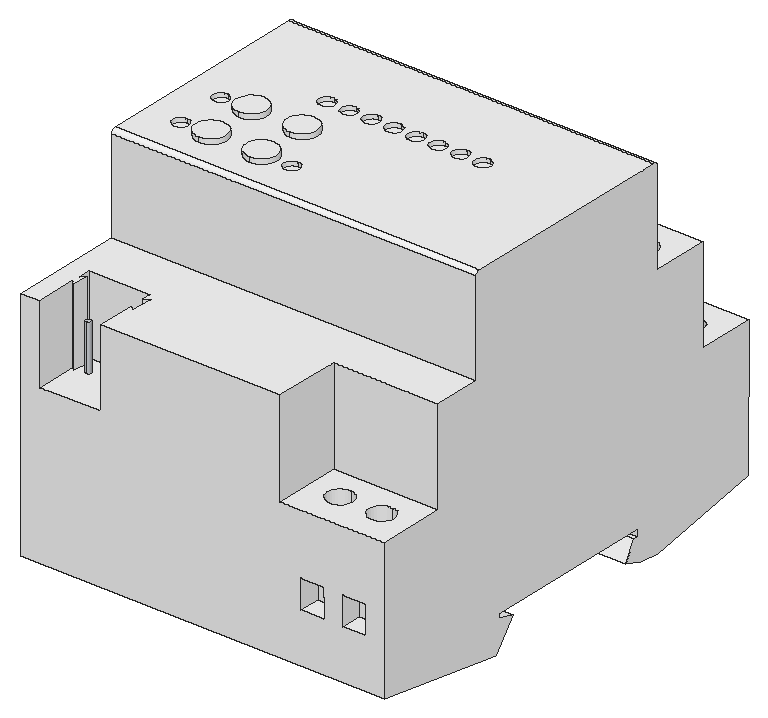
Revit family "Gira_216300", category Electrical Fixtures, host Face, Revit 2017
Family settings
  Host = Face
  Maintain Annotation Orientation = No
  Round Connector Dimension = Use Diameter
  Part Type = Normal
  Cut with Voids When Loaded = No
  Shared = No
  Room Calculation Point = No
Parameters (values of type "Fan coil act. KNX DRA")
  With switch function = no
  Ventilschutzfunktion = no
  URL = "https://www.gira.de/"
  Type of voltage (input voltage) = ""
  Type Comments = ""
  Suitable for C-load = no
  Rated current [Ampere] = 0
  Output voltage [Volt] = ""
  Output current [Ampere] = ""
  Number of outputs = 0
  Number of inputs = 0
  Number of binary inputs = 0
  Modulare Erweiterungsmöglichkeit = no
  Model = ""
  Max. switching current [Ampere] = 0
  Max. number of venetian-blind outputs = 0
  Max. number of switching contacts = 2
  Manufacturer = "Gira"
  Handschaltung = no
  Local operation/hand operation = no
  LED controlling = no
  Keynote = ""
  Input voltage [Volt] = ""
  HeinzeBIM = "https://www.heinze.de/bim/fan-coil-act-knx-dra/e50a8b9e110624fc39c6d2d0b3aa76b6184317be"
  HAN = "216300"
  GTIN = "4010337059387"
  Verschiedene Phasen anschließbar = no
  Description = "Fan coil act.DRA KNX KNX fan coil actuator,DRA plus Features: - Fan coil actuator for operation of ventilator convectors (fan coil units), implemented for room air conditioning. - The actuator receives telegrams, for example from room temperature controllers, and converts corrected variable telegrams into equivalent fan speeds and valve positions. - Connection of a ventilator convector with up to six ventilator gradations or connection of two ventilator convectors each with up to three fan speeds with double pipe systems. - Manual actuation. - Building site operation: Outputs can be operated manually without bus voltage with operating voltage only. - Operating modes for heating or cooling mode, or combined heating cooling mode. - Double tube or quadruple tube operation. Double tube system heats or cools via a shared water cycle. Quadruple tube system consists of separate flow and return for heating and cooling. - Individual or hierarchic switching of fan speeds. - Feedback, output indication, block function for each channel, level limitation. - Behaviour after bus voltage failure or bus mains voltage failure and following an ETS programming process can be configured. - Limit values can be set. - Cyclical or event-oriented transmission. - Free channels can be used for switching functions, e.g. for room lighting,Notes : - VDE approval in accordance with EN 60669-1, EN 60669-2-1. - Installation on DIN top-hat rail."
  Default Elevation = 1219.2 mm
  Cost = 0
  Stellgröße schaltend = no
  Stellgröße stetig = no
  Bus connection included = no
  BIMSITE_PRODUCT_ID = "e50a8b9e110624fc39c6d2d0b3aa76b6184317be"
  BIM = "https://media.live.bim.site/t/eyJhbGciOiJIUzI1NiIsInR5cCI6IkpXVCJ9.eyJjdCI6MSwidGYiOiJwdWJsaWMvZ2lyYS8wOWY1ZGI1L1JFRyA4Zi5yZmEiLCJjaWQiOiJmZWQ5OGU5YS0xYmQ4LTRjNjgtYTczYi03NGE5NGUzMTU4MjMiLCJyaWQiOiJmOWY4N2M1YTA4OWVlMDRiMjA3NDk1MTdkNzcwMjdjOSIsInBpZCI6ImU1MGE4YjllMTEwNjI0ZmMzOWM2ZDJkMGIzYWE3NmI2MTg0MzE3YmUiLCJzaWQiOiI2MzQ3MCIsInV0Ijo1LCJsYyI6ImVuIiwiaWF0IjoxNjA3NDM3NjAyLCJpc3MiOiJodHRwczovL2FwaS5saXZlLmJpbS5zaXRlIiwic3ViIjoiOGQzYWE1Y2ItZTA2Ni00NTk4LWJlMTYtNmUxNmVlNzQ5NTZhIn0.mbYYOoeU6ey8QLZX1pTf40XjmRAx5jCKwBg4I0f0OSI/REG 8f.rfa"
  Assembly Code = ""
Reference planes
  plane 1 "Center (Front/Back)": y = 0
  plane 2: z = 0
  plane 3 "Center (Left/Right)": x = 0
Forms (mm)
  Extrusion 1, solid, material "White", detail levels fine
    sketch origin (0, 0, 0) x (0, 1, 0) y (0, 0, 1)
      loop
        line (45.125, -2.619) -> (45.125, 24.95) -> (33.875, 24.95) -> (33.875, 43.8) -> (22.575, 43.8) -> (22.575, 62.05)
        arc (22.575, 62.05) -> (22.311, 62.686) -> (21.675, 62.95) r 0.9
        line (21.675, 62.95) -> (-21.175, 62.95)
        arc (-21.175, 62.95) -> (-21.785, 62.758) -> (-22.175, 62.25) r 1.064
        line (-22.175, 62.25) -> (-22.175, 43.8) -> (-44.725, 43.8) -> (-44.725, -2.619)
        arc (-44.725, -2.619) -> (-31.081, -5.433) -> (-17.243, -7.049) r 160
        line (-17.243, -7.049) -> (-13.165, -1.734) -> (-16.399, -0.807) -> (-16.399, 0) -> (17.8, 0) -> (17.8, -1.4) -> (16.8, -1.4) -> (14.749, -4.952)
        arc (14.749, -4.952) -> (18.64, -6.184) -> (22.7, -6.6) r 20
        arc (22.7, -6.6) -> (33.983, -5.009) -> (45.125, -2.619) r 160
    from -36 to 36
  Extrusion 2, void, detail levels fine
    sketch origin (0, 0, 0) x (1, 0, 0) y (0, 1, 0)
      loop
        circle (30, 26.925) r 2.55
      loop
        circle (21.75, 26.925) r 2.55
      loop
        circle (12.75, 26.925) r 2.55
      loop
        circle (4.5, 26.925) r 2.55
      loop
        circle (-4.5, 26.925) r 2.55
      loop
        circle (-12.75, 26.925) r 2.55
      loop
        circle (-21.75, 26.925) r 2.55
      loop
        circle (-30, 26.925) r 2.55
    from 37.936 to 43.8
  Extrusion 3, void, detail levels fine
    sketch origin (0, 11.25, -18.85) x (1, 0, 0) y (0, 1, 0)
      loop
        circle (30, 26.925) r 2.55
      loop
        circle (21.75, 26.925) r 2.55
      loop
        circle (12.75, 26.925) r 2.55
      loop
        circle (4.5, 26.925) r 2.55
      loop
        circle (-4.5, 26.925) r 2.55
      loop
        circle (-12.75, 26.925) r 2.55
      loop
        circle (-21.75, 26.925) r 2.55
      loop
        circle (-30, 26.925) r 2.55
    from 37.936 to 43.8
  Extrusion 4, void, detail levels fine
    sketch origin (0, 0, 0) x (1, 0, 0) y (0, 1, 0)
      loop
        circle (-13, -3.875) r 3
      loop
        circle (-23, -3.875) r 3
      loop
        circle (-23, -13.875) r 3
      loop
        circle (-13, -13.875) r 3
      loop
        circle (-29, -3.875) r 1.575
      loop
        circle (-29, -13.875) r 1.575
      loop
        circle (-7, -13.875) r 1.575
      loop
        circle (-15.4, 5.325) r 1.625
      loop
        circle (-11, 5.325) r 1.575
      loop
        circle (-6.6, 5.325) r 1.625
      loop
        circle (-2.2, 5.325) r 1.625
      loop
        circle (2.2, 5.325) r 1.625
      loop
        circle (6.6, 5.325) r 1.625
      loop
        circle (11, 5.325) r 1.575
      loop
        circle (15.4, 5.325) r 1.625
    from 58.253 to 62.95
  Extrusion 5, void, detail levels fine
    sketch origin (0, 0, 0) x (1, 0, 0) y (0, 1, 0)
      loop
        line (-32.175, -32.6) -> (-32.175, -34.9) -> (-31.24, -34.36) -> (-31.401, -37.165) -> (-32.175, -36.7) -> (-32.175, -44.875) -> (-20.175, -44.875) -> (-20.175, -37.33) -> (-19.075, -37.965) -> (-19.075, -33.635) -> (-20.175, -34.27) -> (-20.175, -32.6) -> (-32.175, -32.6)
    from 28.5 to 43.8
  Extrusion 6, solid, detail levels fine
    sketch origin (0, 0, 0) x (1, 0, 0) y (0, 1, 0)
      loop
        circle (-29.375, -36.2) r 0.5
      loop
        circle (-23.575, -36.2) r 0.5
    from 28.5 to 37.5
  Extrusion 7, void, detail levels fine
    sketch origin (0, 0, 0) x (1, 0, 0) y (0, 1, 0)
      loop
        line (15.289, -31.489) -> (15.289, -44.875) -> (36, -44.875) -> (36, -31.489) -> (15.289, -31.489)
    from 25 to 43.8
  Extrusion 8, void, detail levels fine
    sketch origin (0, 0, 0) x (1, 0, 0) y (0, 1, 0)
      loop
        circle (21.75, -37.925) r 2.55
      loop
        circle (30, -37.925) r 2.55
    from 19.086 to 24.95
  Extrusion 9, void, detail levels fine
    sketch origin (0, 0, 0) x (1, 0, 0) y (0, 0, 1)
      loop
        line (32.368, 26.75) -> (32.35, 28.865) -> (32.319, 32.45) -> (27.731, 32.45) -> (27.682, 26.75) -> (32.368, 26.75)
      loop
        line (24.118, 26.75) -> (24.1, 28.865) -> (24.069, 32.45) -> (19.481, 32.45) -> (19.432, 26.75) -> (24.118, 26.75)
      loop
        line (15.118, 26.75) -> (15.1, 28.865) -> (15.069, 32.45) -> (10.481, 32.45) -> (10.432, 26.75) -> (15.118, 26.75)
      loop
        line (6.868, 26.75) -> (6.85, 28.865) -> (6.819, 32.45) -> (2.231, 32.45) -> (2.182, 26.75) -> (6.868, 26.75)
      loop
        line (-2.182, 26.75) -> (-2.2, 28.865) -> (-2.231, 32.45) -> (-6.819, 32.45) -> (-6.868, 26.75) -> (-2.182, 26.75)
      loop
        line (-10.432, 26.75) -> (-10.45, 28.865) -> (-10.481, 32.45) -> (-15.069, 32.45) -> (-15.118, 26.75) -> (-10.432, 26.75)
      loop
        line (-19.35, 26.75) -> (-19.369, 28.865) -> (-19.4, 32.45) -> (-23.987, 32.45) -> (-24.037, 26.75) -> (-19.35, 26.75)
      loop
        line (-27.682, 26.75) -> (-27.7, 28.865) -> (-27.731, 32.45) -> (-32.319, 32.45) -> (-32.368, 26.75) -> (-27.682, 26.75)
    from -29.206 to -33.875
  Extrusion 10, void, detail levels fine
    sketch origin (0, 11.25, -19.567) x (1, 0, 0) y (0, 0, 1)
      loop
        line (32.368, 26.75) -> (32.35, 28.865) -> (32.319, 32.45) -> (27.731, 32.45) -> (27.682, 26.75) -> (32.368, 26.75)
      loop
        line (24.118, 26.75) -> (24.1, 28.865) -> (24.069, 32.45) -> (19.481, 32.45) -> (19.432, 26.75) -> (24.118, 26.75)
      loop
        line (15.118, 26.75) -> (15.1, 28.865) -> (15.069, 32.45) -> (10.481, 32.45) -> (10.432, 26.75) -> (15.118, 26.75)
      loop
        line (6.868, 26.75) -> (6.85, 28.865) -> (6.819, 32.45) -> (2.231, 32.45) -> (2.182, 26.75) -> (6.868, 26.75)
      loop
        line (-2.182, 26.75) -> (-2.2, 28.865) -> (-2.231, 32.45) -> (-6.819, 32.45) -> (-6.868, 26.75) -> (-2.182, 26.75)
      loop
        line (-10.432, 26.75) -> (-10.45, 28.865) -> (-10.481, 32.45) -> (-15.069, 32.45) -> (-15.118, 26.75) -> (-10.432, 26.75)
      loop
        line (-19.35, 26.75) -> (-19.369, 28.865) -> (-19.4, 32.45) -> (-23.987, 32.45) -> (-24.037, 26.75) -> (-19.35, 26.75)
      loop
        line (-27.682, 26.75) -> (-27.7, 28.865) -> (-27.731, 32.45) -> (-32.319, 32.45) -> (-32.368, 26.75) -> (-27.682, 26.75)
    from -29.206 to -33.875
  Extrusion 11, void, detail levels fine
    sketch origin (0, 0, 0) x (1, 0, 0) y (0, 0, 1)
      loop
        line (32.319, 12.883) -> (27.731, 12.883) -> (27.682, 7.183) -> (32.368, 7.183) -> (32.35, 9.298) -> (32.319, 12.883)
      loop
        line (24.069, 12.883) -> (19.481, 12.883) -> (19.432, 7.183) -> (24.118, 7.183) -> (24.1, 9.298) -> (24.069, 12.883)
    from 40.588 to 44.725
  Extrusion 12, solid, material "White", detail levels fine
    sketch origin (0, 0, 0) x (1, 0, 0) y (0, 1, 0)
      loop
        circle (-15.4, 5.325) r 1.625
      loop
        circle (-11, 5.325) r 1.575
      loop
        circle (-6.6, 5.325) r 1.625
      loop
        circle (-2.2, 5.325) r 1.625
      loop
        circle (2.2, 5.325) r 1.625
      loop
        circle (6.6, 5.325) r 1.625
      loop
        circle (11, 5.325) r 1.575
      loop
        circle (15.4, 5.325) r 1.625
      loop
        circle (-29, -3.875) r 1.575
      loop
        circle (-29, -13.875) r 1.575
      loop
        circle (-7, -13.875) r 1.575
    from 58.253 to 62.25
  Extrusion 13, solid, material "White", detail levels fine
    sketch origin (0, 0, 0) x (1, 0, 0) y (0, 1, 0)
      loop
        circle (-23, -3.875) r 3
      loop
        circle (-13, -3.875) r 3
      loop
        circle (-23, -13.875) r 3
      loop
        circle (-13, -13.875) r 3
    from 58.253 to 63.841
  Extrusion 14, solid, material "White", detail levels medium
    sketch origin (0, 0, 0) x (0, 1, 0) y (0, 0, 1)
      loop
        line (45.125, -7.049) -> (45.125, 24.95) -> (33.875, 24.95) -> (33.875, 43.8) -> (22.575, 43.8) -> (22.575, 63.841) -> (-22.175, 63.841) -> (-22.175, 43.8) -> (-44.725, 43.8) -> (-44.725, -7.049) -> (45.125, -7.049)
    from -36 to 36
  Extrusion 15, solid, material "White", detail levels coarse
    sketch origin (0, 0, 0) x (0, 1, 0) y (0, 0, 1)
      loop
        line (45.125, -7.049) -> (45.125, 63.841) -> (-44.725, 63.841) -> (-44.725, -7.049) -> (45.125, -7.049)
    from -36 to 36
Cuts and joins
  Extrusion 2, Extrusion 3, Extrusion 4, Extrusion 5, Extrusion 7, Extrusion 8, Extrusion 9, Extrusion 10, Extrusion 11 cuts Extrusion 1
Dimensions and locks
  aligned and locked: plane 2 to host face
  aligned and locked: level to host face
